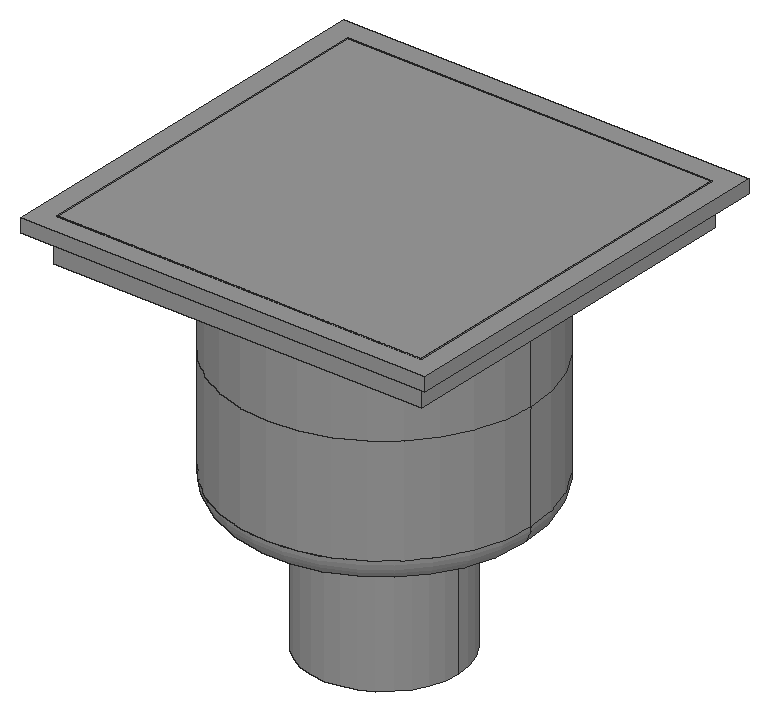
Revit family "ACO AUS Gully 218 Fixed Height - Vertical Outlet - 300x300 topsize 4", category Plumbing Fixtures, host Floor, Revit 2014
Parameters (values of type "142043 - Fixed Height without FAT-110mm Outlet-SS304")
  Weight = "3.5"
  Website = "www.acoaus.com.au"
  Watermarked By = "www.acoaus.com.au"
  Water Marked With = "BIM Manager Premium Suite"  # constant formula
  Water Mark 2 = "This file is water marked and users are prohibited to reproduce, adapt, distribute this information"  # constant formula
  Water Mark 1 = "This file is the property of ACO Passavant"  # constant formula
  Void Radius = Outlet Radius  # 55.000 mm
  Telephone = "+61 (2) 4747 4000"  # constant formula
  Product Type = "Point Drainage"  # constant formula
  Product Range = "ACO Gully 218"  # constant formula
  Product Code 413029 = "N/A"
  Product Code 413028 = "2.0 litre removable strainer - Stainless steel grade 304 - 0.9kg"
  Product Code 408233 = "N/A"
  Product Code 408223 = "0.7 litre removable strainer - Stainless steel grade 304 - 0.6kg"
  Product Code 142008 = "N/A"
  Product Code 142006 = "N/A"
  Product Code 142005 = "N/A"
  Product Code 142004 = "N/A"
  Product Code 142003 = "N/A"
  Product Code 142002 = "N/A"
  Product Code 142001 = "N/A"
  Price = "POA - contact ACO"  # constant formula
  Outlet Radius = 55.000 mm
  Outlet Diameter (mm) = "110"
  Material = Stainless Steel AISI 304
  Gully Depth = 198.000 mm
  Grating product Code 416944 = "Load Class M125 (EN 1253) - Cast grate - Slip Resistant - Stainless steel grade 304 - 168x168x25 - 5.6kg"
  Grating product Code 416917 = "N/A"
  Grating product Code 416916 = "Load Class R50 (EN 1253) - Ladder grate - Slip Resistant - Stainless steel grade 304 - 268x268x25 - 3.5kg"
  Grating product Code 408145 = "N/A"
  Grating product Code 408137 = "N/A"
  Grating product Code 142010 = "Load Class L15 (EN 1253) - 5 Star grate - Slip Resistant - Stainless steel grade 304 - 268x268x25 - 4.1kg"
  Grating Product Code 408141 = "N/A"
  Grating Product Code 408135 = "N/A"
  Grating Product Code 408134 = "N/A"
  Grating Product Code 408045 = "Load Class D210 (EN 1253) - Ladder grate - Plain - Stainless steel grade 304 - 268x268x25 - 6.2kg"
  Grating Product Code 408041 = "Load Class L15 (EN 1253) - Arla grate - Slip Resistant - Stainless steel grade 304 - 268x268x25 - 1.8kg"
  Grating Product Code 408037 = "Load Class M125 (EN 1253) - Ladder grate - Slip Resistant - Stainless steel grade 304 - 168x168x25 - 4.3kg"
  Grating Product Code 408035 = "Load Class L15 (EN 1253) - Mesh grate - Plain - Stainless steel grade 304 - 268x268x25 - 2.1kg"
  Grating Product Code 408034 = "Load Class L15 (EN 1253) - Mesh grate - Slip Resistant - Stainless steel grade 304 - 268x268x25 - 2.1kg"
  Fax = "+61 (2) 4747 4029"  # constant formula
  E-mail Sales = "sales@acoaus.com.au"
  Address = "134-140 Old Bathurst Road"  # constant formula
  Foul Air Trap & Foul Air Trap Support Ring = no
  416944 - 268 x 268mm - Cast Grating - Slip Resistant - Stainless Steel 304 [instance] = no
  416917 - 268 x 268mm - Ladder Grating - Slip Resistant - Stainless Steel 316 [instance] = no
  416916 - 268 x 268mm - Ladder Grating - Slip Resistant - Stainless Steel 304 [instance] = no
  413029 - 2.0 litre removable strainer - Stainless Steel 316 [instance] = no
  413028 - 2.0 litre removable strainer - Stainless Steel 304 [instance] = no
  408233 - 0.7 litre removable strainer - Stainless Steel 316 [instance] = no
  408223 - 0.7 litre removable strainer - Stainless Steel 304 [instance] = no
  408145 - 268 x 268mm - Ladder Grating - Plain - Stainless Steel 316 [instance] = no
  408141 - 268 x 268mm - Arla Grating - Slip Resistant - Stainless Steel 316 [instance] = no
  408137 - 268 x 268mm - Ladder Grating - Slip Resistant - Stainless Steel 316 [instance] = no
  408135 - 268 x 268mm - Mesh Grating - Plain - Stainless Steel 316 [instance] = no
  408134 - 268 x 268mm - Mesh Grating - Slip Resistant - Stainless Steel 316 [instance] = no
  408045 - 268 x 268mm - Ladder Grating - Plain - Stainless Steel 304 [instance] = no
  408041 - 268 x 268mm - Arla Grating - Slip Resistant - Stainless Steel 304 [instance] = no
  408037 - 268 x 268mm - Ladder Grating - Slip Resistant - Stainless steel 304 [instance] = no
  408035 - 268 x 268mm - Mesh Grating - Plain - Stainless Steel 304 [instance] = yes
  Outlet Depth = 297.000 mm
  Manufacturer = "ACO Polycrete"  # constant formula
  Load Class = "A15 - C250 (EN 1253) and D210 (AS 3996)"
  Gully Void Depth = -Outlet Depth  # -297.000 mm
  Gully Top Size (mm) = "300 x 300mm"  # constant formula
  Gully Top Opening = if(Outlet Radius = 80.000 mm, 12.594 mm, 37.498 mm)  # 37.498 mm
  Gully Recycled Material Content = "20 - 30 %"  # constant formula
  Gully Recyclable = "Fully recyclable"  # constant formula
  Gully Product Description = "ACO Gully 218 fixed height DN100 vertical outlet without Foul Air Trap - grade 304"
  Gully Product Code = "142043"
  Gully Material = "Stainless steel grade 304"
  Gully Colour = "passivated stainless steel surface ( matt grey)"  # constant formula
  Foul Air Trap Seal Recycled Material Content = "N/A"
  Foul Air Trap Seal Recyclable = "N/A"
  Foul Air Trap Seal Material = "N/A"
  Foul Air Trap Seal Colour = "N/A"
  Flow Rate (l/s) = "12.1"
  408034 - 268 x 268mm - Mesh Grating - Slip Resistant - Stainless Steel 304 [instance] = no
  160mm Dia Outlet = no
  142010 - 268 x 268mm - 5 star Grating - Slip Resistant - Stainless Steel 304 [instance] = no
  142006 - Retention chain connecting removable FAT to grate - Stainless Steel 316 [instance] = no
  142005 - Retention chain connecting removable strainer to grate - Stainless Steel 316 [instance] = no
  142004 - Retention chain connecting to FAT to removable strainer -Stainless Steel 316 [instance] = no
  142003 - Retention chain connecting fixed strainer to removable strainer - Stainless Steel 316 [instance] = no
  142002 - Retention chain connecting fixed strainer to FAT - Stainless Steel 316 [instance] = no
  142008 - Fixed strainer to suit a 160mm outlet - Stainless Steel 316 [instance] = no
  142001 - Fixed strainer to suit a 110mm outlet - Stainless Steel 316 [instance] = no
  110mm Dia Outlet = yes
Reference planes
  plane 1 "Center (Front/Back)": y = 0
  plane 2: z = 0
  plane 3 "Center (Left/Right)": x = 0
Forms (mm)
  Extrusion 1, void, detail levels coarse
    sketch origin (-10.5, 0, 0) x (1, 0, 0) y (0, 0, 1)
      loop
        line (160.16, 0) -> (-139.84, 0) -> (-139.84, -31.584) -> (160.16, -31.584) -> (160.16, 0)
    from -150 to 150
  Revolve 2, solid, material "Stainless Steel AISI 304" <- "Material"
    sketch origin (0, 0, 0) x (1, 0, 0) y (0, 0, 1)
      loop
        line (-107.5, -30.084) -> (-109, -30.084) -> (-109, -100.298) -> (-109, -180)
        arc (-109, -180) -> (-103.728, -192.728) -> (-91, -198) r 18
        line (-91, -198) -> (-53.502, -198) -> (-53.502, -196.5) -> (-91, -196.5)
        arc (-91, -196.5) -> (-102.667, -191.667) -> (-107.5, -180) r 16.5
        line (-107.5, -180) -> (-107.5, -110.765) -> (-107.5, -30.084)
      axis (0, -30.084) -> (0, -198)
    angle from 0 to 360
  Revolve 3, solid, material "Stainless Steel AISI 304" <- "Material"
    sketch origin (0, 0, 0) x (1, 0, 0) y (0, 0, 1)
      loop
        line (-53.5, -196.5) -> (-55, -196.5) -> (-55, -297) -> (-53.5, -297) -> (-53.5, -196.5)
      axis (0, -196.5) -> (0, -297)
    angle from 0 to 360
  Revolve 4, solid, material "Rubber, Nitrile", visible <- "Foul Air Trap & Foul Air Trap Support Ring"
    sketch origin (0, 0, 5.912) x (1, 0, 0) y (0, 0, 1)
      loop
        line (-107.5, -96.762) -> (-107.5, -116.512) -> (-91, -116.512) -> (-91, -111.012) -> (-83, -111.012) -> (-83, -101.012) -> (-91, -101.012) -> (-91, -96.762) -> (-107.5, -96.762)
      axis (0, -96.762) -> (0, -116.512)
    angle from 0 to 360
  Revolve 5, solid, material "Stainless Steel AISI 304" <- "Material", visible <- "Foul Air Trap & Foul Air Trap Support Ring"
    sketch origin (0, 0, 0) x (1, 0, 0) y (0, 0, 1)
      loop
        line (-91, -90.85) -> (-91, -92.1)
        arc (-91, -92.1) -> (-90.121, -94.222) -> (-88, -95.1) r 3
        line (-88, -95.1) -> (-81.506, -95.1)
        arc (-81.506, -95.1) -> (-67.364, -100.958) -> (-61.506, -115.1) r 20
        line (-61.506, -115.1) -> (-61.506, -125.362) -> (-60.006, -125.362) -> (-60.006, -115.1)
        arc (-60.006, -115.1) -> (-66.303, -99.898) -> (-81.506, -93.6) r 21.5
        line (-81.506, -93.6) -> (-88, -93.6)
        arc (-88, -93.6) -> (-89.06, -93.161) -> (-89.5, -92.1) r 1.5
        line (-89.5, -92.1) -> (-89.5, -90.85) -> (-91, -90.85)
      axis (0, -90.85) -> (0, -125.362)
    angle from 0 to 360
  Revolve 6, solid, material "Stainless Steel AISI 304" <- "Material", visible <- "Foul Air Trap & Foul Air Trap Support Ring"
    sketch origin (0, 0, -1.25) x (1, 0, 0) y (0, 0, 1)
      loop
        line (-84.25, -118.6) -> (-84.25, -150.6)
        arc (-84.25, -150.6) -> (-73.999, -175.349) -> (-49.25, -185.6) r 35
        line (-49.25, -185.6) -> (0, -185.6) -> (0, -184.1) -> (-49.25, -184.1)
        arc (-49.25, -184.1) -> (-72.938, -174.288) -> (-82.75, -150.6) r 33.5
        line (-82.75, -150.6) -> (-82.75, -118.6) -> (-84.25, -118.6)
      axis (0, -118.6) -> (0, -185.6)
    angle from 0 to 360
  Sweep 7, solid, material "Stainless Steel AISI 304" <- "Material"
    path origin (0, 0, 0) x (1, 0, 0) y (0, 1, 0)
      loop
        line (-142.839, 142.5) -> (-142.839, -142.5) -> (142.839, -142.5) -> (142.839, 142.5) -> (-142.839, 142.5)
    profile origin (0, 142.5, 0) x (0, 1, 0) y (0, 0, 1)
      loop
        line (7.5, 0) -> (-7.537, 0) -> (-7.537, -30.084) -> (-35.003, -30.084) -> (-35.003, -31.584) -> (-6.25, -31.584) -> (-6.25, -10) -> (7.5, -10) -> (7.5, 0)
  Extrusion 8, solid, material "Stainless Steel AISI 304"
    sketch origin (0, 0, 0) x (1, 0, 0) y (0, 1, 0)
      loop
        line (-135.302, 134.963) -> (-135.302, -134.963) -> (135.302, -134.963) -> (135.302, 134.963) -> (-135.302, 134.963)
    from 0 to -30
  Extrusion 9, void
    sketch origin (0, 0, 0) x (1, 0, 0) y (0, 1, 0)
      loop
        circle (0, 0) r 109
    from -31.584 to -197.918
  Extrusion 10, void
    sketch origin (-0.635, 0, 0) x (1, 0, 0) y (0, 1, 0)
      loop
        circle (0.543, 0.299) r 55
    from -198 to -297 <- "Gully Void Depth"
Cuts and joins
  Extrusion 9 cuts Sweep 7
  Extrusion 9, Extrusion 10 cuts Extrusion 8
Lines and regions (mm)
  model lines
    curve 1: line (-102.04, 134.535, 0) -> (-102.04, -135.465, 0)
    curve 2: line (-98.85, 134.535, 0) -> (-98.85, -135.465, 0)
    curve 3: line (-62.16, 134.535, 0) -> (-62.16, -135.465, 0)
    curve 4: line (-58.97, 134.535, 0) -> (-58.97, -135.465, 0)
    curve 5: line (-22.28, 134.535, 0) -> (-22.28, -135.465, 0)
    curve 6: line (-19.09, 134.535, 0) -> (-19.09, -135.465, 0)
    curve 7: line (17.6, 134.535, 0) -> (17.6, -135.465, 0)
    curve 8: line (20.79, 134.535, 0) -> (20.79, -135.465, 0)
    curve 9: line (57.48, 134.535, 0) -> (57.48, -135.465, 0)
    curve 10: line (60.67, 134.535, 0) -> (60.67, -135.465, 0)
    curve 11: line (97.36, 134.535, 0) -> (97.36, -135.465, 0)
    curve 12: line (100.55, 134.535, 0) -> (100.55, -135.465, 0)
    curve 13: line (-135.34, -102.165, 0) -> (134.66, -102.165, 0)
    curve 14: line (-135.34, -98.975, 0) -> (134.66, -98.975, 0)
    curve 15: line (-135.34, -62.285, 0) -> (134.66, -62.285, 0)
    curve 16: line (-135.34, -59.095, 0) -> (134.66, -59.095, 0)
    curve 17: line (-135.34, -22.405, 0) -> (134.66, -22.405, 0)
    curve 18: line (-135.34, -19.215, 0) -> (134.66, -19.215, 0)
    curve 19: line (-135.34, 17.475, 0) -> (134.66, 17.475, 0)
    curve 20: line (-135.34, 20.665, 0) -> (134.66, 20.665, 0)
    curve 21: line (-135.34, 57.355, 0) -> (134.66, 57.355, 0)
    curve 22: line (-135.34, 60.545, 0) -> (134.66, 60.545, 0)
    curve 23: line (-135.34, 97.235, 0) -> (134.66, 97.235, 0)
    curve 24: line (-135.34, 100.425, 0) -> (134.66, 100.425, 0)
Dimensions and locks
  equal spacing: host sketch curve, plane 1 "Center (Front/Back)", host sketch curve
  equal spacing: host sketch curve, plane 3 "Center (Left/Right)", host sketch curve
  host sketch curve to host sketch curve = 3048.000 mm  (x2)
  "Outlet Depth": level to Revolve 3 sketch curve
  locked: Revolve 3 sketch curve to Revolve 3 sketch curve at 1.5
  "Outlet Radius": Revolve 3 sketch curve to Revolve 3 sketch curve
  locked: Revolve 4 to Revolve 6 at 29
  Revolve 2 sketch curve to Revolve 2 sketch curve to Revolve 2 sketch curve to Revolve 2 sketch curve = 1.500 mm locked, 16.500 mm locked, 0.000 mm locked
  locked: Revolve 2 sketch curve to plane 3 "Center (Left/Right)" at 109
  "Gully Top Opening": Revolve 2 sketch curve to Revolve 2 sketch curve
  "Gully Depth": Revolve 2 sketch curve to plane 2
  equal spacing: Sweep 7 sketch curve, plane 1 "Center (Front/Back)", Sweep 7 sketch curve, locked at 142.5 each
  equal spacing: Sweep 7 sketch curve, plane 3 "Center (Left/Right)", Sweep 7 sketch curve, locked at 142.839 each
  "Void Radius": radius of Extrusion 10 sketch curve
  aligned and locked: level to plane 2
  aligned and locked: Revolve 3 sketch curve to plane 3 "Center (Left/Right)"
  aligned and locked: Revolve 4 to Revolve 5
  aligned and locked: Extrusion 8 sketch curve to Sweep 7  (x4)
  aligned and locked: Extrusion 9 to cut or joined group of Sweep 7, Extrusion 9
  aligned and locked: Revolve 2 to Revolve 4 sketch curve
  aligned and locked: nested 1 to plane 2
  aligned and locked: nested 1 to cut or joined group of Sweep 7, Extrusion 9
Automatic sketch dimensions
  curve 24 to plane 3 "Center (Left/Right)" = 135.340 mm
  curve 23 to curve 24 = 0.000 mm
  curve 22 to curve 23 = 0.000 mm
  curve 21 to curve 22 = 0.000 mm
  curve 20 to curve 21 = 0.000 mm
  curve 19 to curve 20 = 0.000 mm
  curve 18 to curve 19 = 0.000 mm
  curve 17 to curve 18 = 0.000 mm
  curve 16 to curve 17 = 0.000 mm  (x2)
  curve 15 to curve 16 = 0.000 mm  (x2)
  curve 13 to curve 14 = 0.000 mm
  curve 1 to curve 2 = 3.190 mm
  curve 2 to curve 3 = 36.690 mm
  curve 3 to curve 4 = 3.190 mm
  curve 5 to plane 3 "Center (Left/Right)" = 22.280 mm
  curve 5 to curve 6 = 3.190 mm
  plane 3 "Center (Left/Right)" to curve 7 = 17.600 mm
  curve 7 to curve 8 = 3.190 mm
  curve 8 to curve 9 = 36.690 mm
  curve 9 to curve 10 = 3.190 mm
  curve 10 to curve 11 = 36.690 mm
  curve 11 to curve 12 = 3.190 mm
  plane 1 "Center (Front/Back)" to curve 17 = 22.405 mm
  curve 12 to curve 17 = 34.110 mm
  curve 12 to curve 13 = 34.110 mm
  curve 19 to plane 1 "Center (Front/Back)" = 17.475 mm
  curve 19 to curve 17 = 0.000 mm
  curve 20 to curve 19 = 0.000 mm
  curve 14 to curve 13 = 0.000 mm
  curve 21 to curve 20 = 0.000 mm
  curve 22 to curve 21 = 0.000 mm
  curve 18 to curve 17 = 0.000 mm
  curve 23 to curve 22 = 0.000 mm
  curve 24 to curve 23 = 0.000 mm
  curve 16 to curve 17 = 36.690 mm
  curve 15 to curve 16 = 3.190 mm
  curve 14 to curve 15 = 36.690 mm
  curve 13 to curve 14 = 3.190 mm
  curve 5 to curve 7 = 0.000 mm
  curve 7 to curve 8 = 0.000 mm  (x2)
  curve 4 to curve 5 = 0.000 mm  (x2)
  curve 8 to curve 10 = 0.000 mm
  curve 3 to curve 4 = 0.000 mm  (x2)
  curve 10 to curve 11 = 0.000 mm  (x2)
  curve 11 to curve 12 = 0.000 mm  (x2)
  curve 1 to curve 2 = 0.000 mm  (x2)
  curve 5 to curve 6 = 0.000 mm  (x2)
  curve 9 to curve 10 = 0.000 mm  (x2)
  curve 17 to curve 18 = 3.190 mm
  curve 19 to curve 20 = 3.190 mm
  curve 20 to curve 21 = 36.690 mm
  curve 21 to curve 22 = 3.190 mm
  curve 22 to curve 23 = 36.690 mm
  curve 23 to curve 24 = 3.190 mm
  curve 24 to curve 12 = 34.110 mm
  curve 8 to curve 9 = 0.000 mm
  curve 6 to curve 7 = 0.000 mm
  curve 2 to curve 3 = 0.000 mm  (x2)
  Revolve 4 sketch curve to level = 110.600 mm
  Revolve 4 sketch curve to plane 3 "Center (Left/Right)" = 0.000 mm
  Revolve 4 sketch curve to Revolve 4 sketch curve = 0.000 mm
  Revolve 4 sketch curve to Revolve 4 sketch curve = 8.000 mm
  Revolve 4 sketch curve to Revolve 4 sketch curve = 16.500 mm
  Revolve 4 sketch curve to Revolve 4 sketch curve = 5.500 mm
  Revolve 4 sketch curve to Revolve 4 sketch curve = 10.000 mm
  Revolve 4 sketch curve to Revolve 4 sketch curve = 3.623 mm
  Revolve 4 sketch curve to Revolve 4 sketch curve = 4.250 mm
  Revolve 4 sketch curve to Revolve 4 sketch curve = 31.874 mm
  Revolve 5 sketch curve to Revolve 5 sketch curve = 0.000 mm  (x4)
  Revolve 5 sketch curve to plane 3 "Center (Left/Right)" = 91.000 mm
  Revolve 5 sketch curve to plane 3 "Center (Left/Right)" = 0.000 mm
  Revolve 5 sketch curve to Revolve 5 sketch curve = 1.500 mm  (x2)
  Revolve 5 sketch curve to Revolve 5 sketch curve = 6.494 mm
  Revolve 5 sketch curve to Revolve 5 sketch curve = 10.261 mm
  Revolve 5 sketch curve to Revolve 5 sketch curve = 1.250 mm
  level to Revolve 5 sketch curve = 50.000 mm
  Revolve 5 sketch curve to Revolve 5 sketch curve = 25.000 mm
  Revolve 5 sketch curve to plane 3 "Center (Left/Right)" = 61.506 mm
  Revolve 5 sketch curve to level = 125.362 mm
  Revolve 6 sketch curve to Revolve 6 sketch curve = 0.000 mm  (x2)
  Revolve 6 sketch curve to plane 3 "Center (Left/Right)" = 0.000 mm  (x2)
  Revolve 6 sketch curve to level = 186.850 mm
  Revolve 6 sketch curve to plane 3 "Center (Left/Right)" = 49.250 mm
  Revolve 6 sketch curve to Revolve 6 sketch curve = 33.500 mm
  Revolve 6 sketch curve to Revolve 6 sketch curve = 1.500 mm
  Revolve 6 sketch curve to Revolve 6 sketch curve = 32.000 mm
  Revolve 6 sketch curve to Revolve 6 sketch curve = 61.000 mm
  Revolve 6 sketch curve to Revolve 6 sketch curve = 26.000 mm
  curve 14 to curve 15 = 0.000 mm
  curve 11 to curve 13 = 33.300 mm
  curve 13 to curve 1 = 33.300 mm
  Extrusion 1 sketch curve to level = 0.000 mm
  Extrusion 1 sketch curve to plane 3 "Center (Left/Right)" = 150.340 mm
  plane 3 "Center (Left/Right)" to Extrusion 1 sketch curve = 149.660 mm
  Extrusion 1 sketch curve to Extrusion 1 sketch curve = 31.584 mm
  plane 1 "Center (Front/Back)" to Extrusion 9 sketch curve = 0.000 mm
  Extrusion 9 sketch curve to plane 3 "Center (Left/Right)" = 0.000 mm
  Sweep 7 sketch curve to level = 0.000 mm
  profile plane to Sweep 7 sketch curve = 35.003 mm
  profile plane to Sweep 7 sketch curve = 7.537 mm
  Sweep 7 sketch curve to Sweep 7 sketch curve = 1.286 mm
  Sweep 7 sketch curve to profile plane = 7.500 mm
  Sweep 7 sketch curve to level = 10.000 mm
  Sweep 7 sketch curve to level = 30.084 mm
  Sweep 7 sketch curve to Sweep 7 sketch curve = 1.500 mm
  plane 1 "Center (Front/Back)" to Sweep 7 sketch curve = 142.500 mm
  Sweep 7 sketch curve to plane 3 "Center (Left/Right)" = 142.839 mm
  Revolve 2 sketch curve to Revolve 2 sketch curve = 0.000 mm
  Revolve 2 sketch curve to plane 3 "Center (Left/Right)" = 0.000 mm
  Revolve 2 sketch curve to Revolve 2 sketch curve = 69.235 mm
  Revolve 2 sketch curve to Revolve 2 sketch curve = 10.467 mm
  Revolve 2 sketch curve to level = 30.084 mm
  Revolve 2 sketch curve to level = 33.084 mm
  level to Revolve 2 sketch curve = 43.416 mm
  Revolve 3 sketch curve to Revolve 3 sketch curve = 100.500 mm
  Revolve 3 sketch curve to Revolve 3 sketch curve = 27.846 mm
  Revolve 3 sketch curve to Revolve 3 sketch curve = 22.736 mm
  Extrusion 10 sketch curve to plane 3 "Center (Left/Right)" = 0.092 mm
  Extrusion 10 sketch curve to plane 1 "Center (Front/Back)" = 0.299 mm
  radius of Extrusion 9 sketch curve = 109.000 mm
Nested families
  nested 1: "Detail Elements Vertical Outlet Right view 1" at (-0.339, 0, 0) x (1, 0, 0) z (0, -1, 0), type "Detail Elements Front View"
  nested 2: "Detail Elements Vertical Outlet Right view 1" at (0, 0, 0) x (0, 1, 0) z (1, 0, 0), type "Detail Elements  Right View"
Connectors
  piping at (0, 0, -297), diameter 110, driven by "Outlet Radius"
    settings: on Revolve 3, index 1, connector inside diameter 4.33071", connector length 0.000 mm, flow factor 0, pipe flow 0 GPM, pressure drop 0.00 psi, fitting loss kfactor 0, connector angle 0.00°, fixture units 0, engagement length 0.000 mm, angle of deflection 0.00°, flow configuration 0, flow direction 0, fitting loss method 0, system type 16, joint type 0, gender type 0, connector reference index -1, connector utility 0, adjustable connector no, is connector primary yes, connector description ""
Definition of nested family "Detail Elements Vertical Outlet Right view 1"
  Parameters (values of type "Detail Elements Front View")
    Watermarked By = ""
    Type Comments = "﻿﻿               ﻿      ﻿​ ​﻿​ ﻿                         ﻿   ​                  ﻿ ​    ﻿   ​ ​   ​     ﻿  ﻿﻿   ﻿﻿ ﻿                                        ​           ﻿﻿﻿   ﻿  ﻿          ​                   ​​                                         ​                 ​ ﻿​ ​  ​     ﻿​           ﻿                                ﻿﻿"
    Keynote = "﻿﻿               ﻿      ﻿​ ​﻿​ ﻿                         ﻿   ​                  ﻿ ​    ﻿   ​ ​   ​     ﻿  ﻿﻿   ﻿﻿ ﻿                                        ​           ﻿﻿﻿   ﻿  ﻿          ​                   ​​                                         ​                 ​ ﻿​ ​  ​     ﻿​           ﻿                                ﻿﻿"
    Gully Top Size = 300.000 mm
    Assembly Code = "D2040"
    Anchor Bolt = no
    Anc Distance = 84.000 mm
    160mm Outlet = no
    110mm Outlet = yes
  Types (2, lengths in mm): name | Anchor Bolt | Anc Distance
    Detail Elements  Right View | yes | 12.335
    Detail Elements Front View | no | 84.000
  Reference planes
    plane 1 "Center (Front/Back)": y = 0
    plane 2: z = 0
    plane 3 "Center (Left/Right)": x = 0
  Lines and regions (mm)
    detail lines, in view "Ref. Level"
      curve 1: line (-148, 0, 0) -> (148, 0, 0)
      curve 2: line (-150, -2, 0) -> (-150, -10, 0)
      curve 3: line (-150, -10, 0) -> (150, -10, 0)
      curve 4: line (150, -10, 0) -> (150, -2, 0)
      curve 5: line (-136.253, -10, 0) -> (-136.253, -25.834, 0)
      curve 6: line (-130.503, -31.584, 0) -> (-110.75, -31.584, 0)
      curve 9: line (136.246, -10, 0) -> (136.246, -25.834, 0)
      curve 10: line (130.496, -31.584, 0) -> (110.75, -31.584, 0)
      curve 161: line (-109, -33.334, 0) -> (-109, -93.821, 0)
      curve 162: line (-109.002, -105.996, 0) -> (-109.002, -180.003, 0)
      curve 277: line (109, -33.334, 0) -> (109, -93.835, 0)
      curve 278: line (109.002, -105.996, 0) -> (109.002, -180.003, 0)
      curve 306: arc (-150, -2, 0) -> (-149.414, -0.586, 0) -> (-148, 0, 0) r 2
      curve 307: arc (148, 0, 0) -> (149.414, -0.586, 0) -> (150, -2, 0) r 2
    detail lines, in view "Ref. Level", detail levels medium+fine
      curve 7: arc (-136.253, -25.834, 0) -> (-134.569, -29.9, 0) -> (-130.503, -31.584, 0) r 5.75
      curve 8: arc (-109.002, -180.003, 0) -> (-103.729, -192.734, 0) -> (-90.998, -198.007, 0) r 18.003
      curve 11: arc (136.246, -25.834, 0) -> (134.562, -29.9, 0) -> (130.496, -31.584, 0) r 5.75
      curve 274: line (-107.25, -96.852, 0) -> (-105.71, -97.722, 0)
      curve 275: line (-106.869, -102.774, 0) -> (-105.65, -102.04, 0)
      curve 276: arc (109.002, -180.003, 0) -> (103.729, -192.734, 0) -> (90.998, -198.007, 0) r 18.003
      curve 283: line (107.258, -96.861, 0) -> (105.718, -97.731, 0)
      curve 284: line (106.877, -102.783, 0) -> (105.658, -102.049, 0)
      curve 310: arc (110.75, -31.584, 0) -> (109.513, -32.097, 0) -> (109, -33.334, 0) r 1.75
      curve 311: arc (-110.75, -31.584, 0) -> (-109.513, -32.097, 0) -> (-109, -33.334, 0) r 1.75
      curve 319: line (-109, -40.854, 0) -> (109, -40.854, 0)
    detail lines, in view "Ref. Level", detail levels fine
      curve 12: line (61.685, -37.544, 0) -> (61.685, -43.045, 0)
      curve 13: line (66.592, -37.544, 0) -> (66.592, -43.045, 0)
      curve 14: line (76.407, -37.544, 0) -> (76.407, -43.045, 0)
      curve 15: line (81.315, -37.544, 0) -> (81.315, -43.045, 0)
      curve 16: arc (61.685, -37.544, 0) -> (64.139, -36.832, 0) -> (66.592, -37.544, 0) r 4.588
      curve 17: arc (66.592, -37.544, 0) -> (71.5, -36.37, 0) -> (76.407, -37.544, 0) r 10.85
      curve 18: arc (76.407, -37.544, 0) -> (78.861, -36.763, 0) -> (81.315, -37.544, 0) r 4.248
      curve 19: arc (61.685, -43.045, 0) -> (64.139, -43.855, 0) -> (66.592, -43.045, 0) r 4.121
      curve 20: arc (66.592, -43.045, 0) -> (71.5, -44.335, 0) -> (76.407, -43.045, 0) r 9.973
      curve 21: arc (81.315, -43.045, 0) -> (78.861, -43.91, 0) -> (76.408, -43.045, 0) r 3.911
      curve 22: line (63.845, -36.294, 0) -> (79.155, -36.294, 0)
      curve 23: line (63.845, -36.294, 0) -> (61.685, -37.544, 0)
      curve 24: line (79.155, -36.294, 0) -> (81.315, -37.544, 0)
      curve 25: line (63.845, -44.49, 0) -> (79.155, -44.49, 0)
      curve 26: line (63.845, -44.49, 0) -> (61.685, -43.045, 0)
      curve 27: line (79.155, -44.49, 0) -> (81.315, -43.045, 0)
      curve 28: line (63.845, -44.49, 0) -> (59.03, -44.49, 0)
      curve 29: line (79.155, -44.49, 0) -> (84, -44.49, 0)
      curve 30: line (63.845, -46.49, 0) -> (79.155, -46.49, 0)
      curve 31: line (63.845, -46.49, 0) -> (59.03, -46.49, 0)
      curve 32: line (79.155, -46.49, 0) -> (84, -46.49, 0)
      curve 33: line (59.03, -46.49, 0) -> (59.03, -16.49, 0)
      curve 34: line (84, -46.49, 0) -> (84, -16.49, 0)
      curve 35: line (59.03, -16.49, 0) -> (84, -16.49, 0)
      curve 36: line (66.593, -36.294, 0) -> (66.593, -23.598, 0)
      curve 37: line (76.407, -36.294, 0) -> (76.407, -23.544, 0)
      curve 38: line (66.649, -23.544, 0) -> (70.619, -23.544, 0)
      curve 39: line (70.619, -23.544, 0) -> (70.619, -25.544, 0)
      curve 40: line (70.619, -23.544, 0) -> (70.619, -22.544, 0)
      curve 41: line (70.619, -25.544, 0) -> (72.619, -25.544, 0)
      curve 42: line (70.619, -22.544, 0) -> (67.681, -22.544, 0)
      curve 43: line (67.681, -22.544, 0) -> (66.593, -23.598, 0)
      curve 44: line (72.619, -25.544, 0) -> (72.619, -22.544, 0)
      curve 45: line (76.407, -23.544, 0) -> (72.619, -23.544, 0)
      curve 46: line (72.619, -22.544, 0) -> (75.556, -22.544, 0)
      curve 47: line (75.556, -22.544, 0) -> (76.407, -23.544, 0)
      curve 48: line (66.593, -46.49, 0) -> (66.593, -50.74, 0)
      curve 49: line (76.407, -46.49, 0) -> (76.407, -50.74, 0)
      curve 50: line (62.539, -51.317, 0) -> (62.539, -56.033, 0)
      curve 51: line (62.539, -51.317, 0) -> (63.117, -50.74, 0)
      curve 52: line (63.16, -56.548, 0) -> (79.901, -56.548, 0)
      curve 53: line (62.539, -56.033, 0) -> (63.16, -56.548, 0)
      curve 54: line (80.583, -51.439, 0) -> (80.583, -55.866, 0)
      curve 55: line (79.883, -50.74, 0) -> (80.583, -51.439, 0)
      curve 56: line (79.901, -56.548, 0) -> (80.583, -55.866, 0)
      curve 57: line (66.593, -56.548, 0) -> (66.593, -73.548, 0)
      curve 58: line (76.407, -56.548, 0) -> (76.407, -73.548, 0)
      curve 59: line (63.583, -73.548, 0) -> (63.583, -79.928, 0)
      curve 60: line (79.417, -73.548, 0) -> (79.417, -79.928, 0)
      curve 61: line (63.583, -79.928, 0) -> (64.396, -80.741, 0)
      curve 62: line (79.417, -79.928, 0) -> (78.604, -80.741, 0)
      curve 63: line (64.396, -80.741, 0) -> (78.604, -80.741, 0)
      curve 64: line (63.583, -73.548, 0) -> (79.417, -73.548, 0)
      curve 65: line (71.5, -73.548, 0) -> (71.5, -79.329, 0)
      curve 66: arc (71.5, -79.329, 0) -> (67.541, -79.952, 0) -> (63.583, -79.329, 0) r 12.881
      curve 67: arc (71.5, -79.329, 0) -> (75.459, -80.119, 0) -> (79.417, -79.329, 0) r 10.31
      curve 68: line (69.948, -74.198, 0) -> (69.948, -82.698, 0)
      curve 69: line (73.016, -74.198, 0) -> (73.016, -82.698, 0)
      curve 70: line (69.948, -74.198, 0) -> (73.016, -74.198, 0)
      curve 71: line (69.948, -82.698, 0) -> (64.948, -82.698, 0)
      curve 72: line (64.948, -82.698, 0) -> (77.926, -82.698, 0)
      curve 73: line (64.948, -82.698, 0) -> (60.657, -86.988, 0)
      curve 74: line (77.926, -82.698, 0) -> (82.216, -86.988, 0)
      curve 75: line (82.216, -85.058, 0) -> (77.899, -80.741, 0)
      curve 76: line (60.657, -85.058, 0) -> (64.975, -80.741, 0)
      curve 77: line (35.321, -85.058, 0) -> (35.321, -86.988, 0)
      curve 78: line (108.58, -85.058, 0) -> (108.58, -86.988, 0)
      curve 79: line (35.321, -86.988, 0) -> (108.58, -86.988, 0)
      curve 80: line (63.117, -50.74, 0) -> (79.883, -50.74, 0)
      curve 81: line (71.5, -52.139, 0) -> (71.5, -55.245, 0)
      curve 82: arc (71.5, -55.245, 0) -> (67.02, -55.744, 0) -> (62.539, -55.245, 0) r 20.385
      curve 83: arc (71.5, -52.139, 0) -> (67.02, -51.657, 0) -> (62.539, -52.139, 0) r 21.089
      curve 84: arc (71.5, -52.139, 0) -> (76.041, -51.566, 0) -> (80.583, -52.139, 0) r 18.281
      curve 85: arc (71.5, -55.245, 0) -> (76.041, -55.813, 0) -> (80.583, -55.245, 0) r 18.468
      curve 86: line (35.321, -85.058, 0) -> (108.58, -85.058, 0)
      curve 87: line (-172.62, -37.582, 0) -> (-172.62, -43.083, 0)
      curve 88: line (-167.712, -37.582, 0) -> (-167.712, -43.083, 0)
      curve 89: line (-157.897, -37.582, 0) -> (-157.897, -43.083, 0)
      curve 90: line (-152.99, -37.582, 0) -> (-152.99, -43.083, 0)
      curve 91: arc (-172.62, -37.582, 0) -> (-170.166, -36.87, 0) -> (-167.712, -37.582, 0) r 4.588
      curve 92: arc (-167.712, -37.582, 0) -> (-162.805, -36.408, 0) -> (-157.897, -37.582, 0) r 10.85
      curve 93: arc (-157.897, -37.582, 0) -> (-155.444, -36.801, 0) -> (-152.99, -37.582, 0) r 4.248
      curve 94: arc (-172.62, -43.083, 0) -> (-170.166, -43.893, 0) -> (-167.712, -43.083, 0) r 4.121
      curve 95: arc (-167.712, -43.083, 0) -> (-162.805, -44.374, 0) -> (-157.897, -43.083, 0) r 9.973
      curve 96: arc (-152.99, -43.083, 0) -> (-155.444, -43.948, 0) -> (-157.897, -43.083, 0) r 3.911
      curve 97: line (-170.46, -36.332, 0) -> (-155.15, -36.332, 0)
      curve 98: line (-170.46, -36.332, 0) -> (-172.62, -37.582, 0)
      curve 99: line (-155.15, -36.332, 0) -> (-152.99, -37.582, 0)
      curve 100: line (-170.393, -44.572, 0) -> (-172.62, -43.083, 0)
      curve 101: line (-155.217, -44.572, 0) -> (-152.99, -43.083, 0)
      curve 102: line (-167.712, -36.332, 0) -> (-167.712, -23.582, 0)
      curve 103: line (-157.898, -36.332, 0) -> (-157.898, -23.582, 0)
      curve 104: line (-167.712, -23.582, 0) -> (-163.686, -23.582, 0)
      curve 105: line (-163.686, -23.582, 0) -> (-163.686, -25.582, 0)
      curve 106: line (-163.686, -23.582, 0) -> (-163.686, -22.582, 0)
      curve 107: line (-163.686, -25.582, 0) -> (-161.686, -25.582, 0)
      curve 108: line (-163.686, -22.582, 0) -> (-166.624, -22.582, 0)
      curve 109: line (-166.624, -22.582, 0) -> (-167.712, -23.636, 0)
      curve 110: line (-161.686, -25.582, 0) -> (-161.686, -22.582, 0)
      curve 111: line (-157.898, -23.582, 0) -> (-161.686, -23.582, 0)
      curve 112: line (-161.686, -22.582, 0) -> (-158.749, -22.582, 0)
      curve 113: line (-158.749, -22.582, 0) -> (-157.898, -23.582, 0)
      curve 114: line (-167.712, -46.528, 0) -> (-167.712, -50.778, 0)
      curve 115: line (-157.898, -46.528, 0) -> (-157.898, -50.778, 0)
      curve 116: line (-171.766, -51.355, 0) -> (-171.766, -56.071, 0)
      curve 117: line (-171.766, -51.355, 0) -> (-171.188, -50.778, 0)
      curve 118: line (-171.145, -56.586, 0) -> (-154.403, -56.586, 0)
      curve 119: line (-171.766, -56.071, 0) -> (-171.145, -56.586, 0)
      curve 120: line (-153.722, -51.477, 0) -> (-153.722, -55.905, 0)
      curve 121: line (-154.422, -50.778, 0) -> (-153.722, -51.477, 0)
      curve 122: line (-154.403, -56.586, 0) -> (-153.722, -55.905, 0)
      curve 123: line (-167.712, -56.586, 0) -> (-167.712, -73.586, 0)
      curve 124: line (-157.898, -56.586, 0) -> (-157.898, -73.586, 0)
      curve 125: line (-170.722, -73.586, 0) -> (-170.722, -79.966, 0)
      curve 126: line (-154.888, -73.586, 0) -> (-154.888, -79.966, 0)
      curve 127: line (-170.722, -79.966, 0) -> (-169.909, -80.779, 0)
      curve 128: line (-154.888, -79.966, 0) -> (-155.701, -80.779, 0)
      curve 129: line (-169.909, -80.779, 0) -> (-155.701, -80.779, 0)
      curve 130: line (-170.722, -73.586, 0) -> (-154.888, -73.586, 0)
      curve 131: line (-162.805, -73.586, 0) -> (-162.805, -79.367, 0)
      curve 132: arc (-162.805, -79.367, 0) -> (-166.763, -79.99, 0) -> (-170.722, -79.367, 0) r 12.881
      curve 133: arc (-162.805, -79.367, 0) -> (-158.846, -80.157, 0) -> (-154.888, -79.367, 0) r 10.31
      curve 134: line (-164.357, -74.236, 0) -> (-164.357, -82.736, 0)
      curve 135: line (-161.288, -74.236, 0) -> (-161.288, -82.736, 0)
      curve 136: line (-164.357, -74.236, 0) -> (-161.288, -74.236, 0)
      curve 137: line (-164.357, -82.736, 0) -> (-169.357, -82.736, 0)
      curve 138: line (-169.357, -82.736, 0) -> (-156.379, -82.736, 0)
      curve 139: line (-169.357, -82.736, 0) -> (-173.648, -87.026, 0)
      curve 140: line (-156.379, -82.736, 0) -> (-152.089, -87.026, 0)
      curve 141: line (-152.089, -85.096, 0) -> (-156.406, -80.779, 0)
      curve 142: line (-173.648, -85.096, 0) -> (-169.33, -80.779, 0)
      curve 143: line (-198.984, -85.096, 0) -> (-198.984, -87.026, 0)
      curve 144: line (-127.096, -85.096, 0) -> (-127.096, -87.026, 0)
      curve 145: line (-198.984, -87.026, 0) -> (-127.096, -87.026, 0)
      curve 146: line (-171.188, -50.778, 0) -> (-154.422, -50.778, 0)
      curve 147: line (-162.805, -52.177, 0) -> (-162.805, -55.284, 0)
      curve 148: arc (-162.805, -55.284, 0) -> (-167.285, -55.782, 0) -> (-171.766, -55.284, 0) r 20.385
      curve 149: arc (-162.805, -52.177, 0) -> (-167.285, -51.695, 0) -> (-171.766, -52.177, 0) r 21.089
      curve 150: arc (-162.805, -52.177, 0) -> (-158.263, -51.604, 0) -> (-153.722, -52.177, 0) r 18.281
      curve 151: arc (-162.805, -55.284, 0) -> (-158.263, -55.851, 0) -> (-153.722, -55.284, 0) r 18.468
      curve 152: line (-198.984, -85.096, 0) -> (-127.096, -85.096, 0)
      curve 153: line (-175.275, -44.572, 0) -> (-143.683, -44.572, 0)
      curve 154: line (-175.275, -46.528, 0) -> (-144.472, -46.528, 0)
      curve 155: line (-136.275, -38.33, 0) -> (-136.275, -14.572, 0)
      curve 156: line (-138.683, -39.572, 0) -> (-138.683, -14.572, 0)
      curve 157: line (-138.683, -14.572, 0) -> (-136.275, -14.572, 0)
      curve 158: line (-175.275, -44.572, 0) -> (-175.275, -46.528, 0)
      curve 159: arc (-143.683, -44.572, 0) -> (-140.147, -43.108, 0) -> (-138.683, -39.572, 0) r 5
      curve 160: arc (-144.472, -46.528, 0) -> (-138.676, -44.127, 0) -> (-136.275, -38.33, 0) r 8.197
      curve 316: line (-109, -93.853, 0) -> (109.027, -93.853, 0)
      curve 317: line (-104.44, -99.864, 0) -> (104.449, -99.864, 0)
      curve 318: line (-109.002, -105.996, 0) -> (109.002, -105.996, 0)
    detail lines, in view "Ref. Level", detail levels coarse
      curve 163: line (-109, -93.853, 0) -> (-109, -105.889, 0)
      curve 279: line (109, -93.837, 0) -> (109, -105.889, 0)
      curve 301: line (-109.002, -198.007, 0) -> (-109.002, -180.003, 0)
      curve 303: line (109.002, -198.007, 0) -> (109.002, -180.003, 0)
      curve 304: line (130.496, -31.584, 0) -> (136.267, -31.584, 0)
      curve 305: line (-130.503, -31.584, 0) -> (-136.275, -31.584, 0)
      curve 308: line (-136.275, -31.584, 0) -> (-136.275, -25.961, 0)
      curve 309: line (136.267, -31.584, 0) -> (136.267, -26.584, 0)
      curve 312: line (-110.75, -31.584, 0) -> (-109, -31.584, 0)
      curve 313: line (-109, -31.584, 0) -> (-109, -33.334, 0)
      curve 314: line (110.75, -31.584, 0) -> (109, -31.584, 0)
      curve 315: line (109, -31.584, 0) -> (109, -33.334, 0)
    detail lines, in view "Ref. Level", visible <- "110mm Outlet", detail levels coarse
      curve 164: line (-55, -297, 0) -> (-52.996, -297, 0)
      curve 165: line (54.99, -297, 0) -> (52.994, -297, 0)
      curve 167: line (-55, -202.988, 0) -> (-55, -198.007, 0)
      curve 168: line (-55, -205.422, 0) -> (-55, -240.407, 0)
      curve 169: line (54.99, -297, 0) -> (54.99, -289.028, 0)
      curve 170: line (54.99, -202.988, 0) -> (54.99, -198.007, 0)
      curve 171: line (54.99, -205.435, 0) -> (54.99, -240.436, 0)
      curve 172: line (-55, -297, 0) -> (-55, -288.936, 0)
      curve 300: line (-90.998, -198.007, 0) -> (-109.002, -198.007, 0)
      curve 302: line (90.998, -198.007, 0) -> (109.002, -198.007, 0)
    detail lines, in view "Ref. Level", visible <- "110mm Outlet"
      curve 166: line (-90.998, -198.007, 0) -> (90.998, -198.007, 0)
      curve 270: line (-55, -240.408, 0) -> (-55, -288.936, 0)
    detail lines, in view "Ref. Level", visible <- "Anchor Bolt", detail levels fine
      curve 173: line (172.612, -37.582, 0) -> (172.612, -43.083, 0)
      curve 174: line (167.704, -37.582, 0) -> (167.704, -43.083, 0)
      curve 175: line (157.889, -37.582, 0) -> (157.889, -43.083, 0)
      curve 176: line (152.982, -37.582, 0) -> (152.982, -43.083, 0)
      curve 177: arc (172.612, -37.582, 0) -> (170.158, -36.87, 0) -> (167.704, -37.582, 0) r 4.588
      curve 178: arc (167.704, -37.582, 0) -> (162.797, -36.408, 0) -> (157.889, -37.582, 0) r 10.85
      curve 179: arc (157.889, -37.582, 0) -> (155.435, -36.801, 0) -> (152.982, -37.582, 0) r 4.248
      curve 180: arc (172.612, -43.083, 0) -> (170.158, -43.893, 0) -> (167.704, -43.083, 0) r 4.121
      curve 181: arc (167.704, -43.083, 0) -> (162.797, -44.374, 0) -> (157.889, -43.083, 0) r 9.973
      curve 182: arc (152.982, -43.083, 0) -> (155.435, -43.948, 0) -> (157.889, -43.083, 0) r 3.911
      curve 183: line (170.452, -36.332, 0) -> (155.142, -36.332, 0)
      curve 184: line (170.452, -36.332, 0) -> (172.612, -37.582, 0)
      curve 185: line (155.142, -36.332, 0) -> (152.982, -37.582, 0)
      curve 186: line (170.385, -44.572, 0) -> (172.612, -43.083, 0)
      curve 187: line (155.208, -44.572, 0) -> (152.982, -43.083, 0)
      curve 188: line (167.704, -36.332, 0) -> (167.704, -23.582, 0)
      curve 189: line (157.89, -36.332, 0) -> (157.89, -23.582, 0)
      curve 190: line (167.704, -23.582, 0) -> (163.678, -23.582, 0)
      curve 191: line (163.678, -23.582, 0) -> (163.678, -25.582, 0)
      curve 192: line (163.678, -23.582, 0) -> (163.678, -22.582, 0)
      curve 193: line (163.678, -25.582, 0) -> (161.678, -25.582, 0)
      curve 194: line (163.678, -22.582, 0) -> (166.616, -22.582, 0)
      curve 195: line (166.616, -22.582, 0) -> (167.704, -23.636, 0)
      curve 196: line (161.678, -25.582, 0) -> (161.678, -22.582, 0)
      curve 197: line (157.89, -23.582, 0) -> (161.678, -23.582, 0)
      curve 198: line (161.678, -22.582, 0) -> (158.741, -22.582, 0)
      curve 199: line (158.741, -22.582, 0) -> (157.89, -23.582, 0)
      curve 200: line (167.704, -46.528, 0) -> (167.704, -50.778, 0)
      curve 201: line (157.89, -46.528, 0) -> (157.89, -50.778, 0)
      curve 202: line (171.758, -51.355, 0) -> (171.758, -56.071, 0)
      curve 203: line (171.758, -51.355, 0) -> (171.18, -50.778, 0)
      curve 204: line (171.137, -56.586, 0) -> (154.395, -56.586, 0)
      curve 205: line (171.758, -56.071, 0) -> (171.137, -56.586, 0)
      curve 206: line (153.714, -51.477, 0) -> (153.714, -55.905, 0)
      curve 207: line (154.414, -50.778, 0) -> (153.714, -51.477, 0)
      curve 208: line (154.395, -56.586, 0) -> (153.714, -55.905, 0)
      curve 209: line (167.704, -56.586, 0) -> (167.704, -73.586, 0)
      curve 210: line (157.89, -56.586, 0) -> (157.89, -73.586, 0)
      curve 211: line (170.714, -73.586, 0) -> (170.714, -79.966, 0)
      curve 212: line (154.88, -73.586, 0) -> (154.88, -79.966, 0)
      curve 213: line (170.714, -79.966, 0) -> (169.901, -80.779, 0)
      curve 214: line (154.88, -79.966, 0) -> (155.693, -80.779, 0)
      curve 215: line (169.901, -80.779, 0) -> (155.693, -80.779, 0)
      curve 216: line (170.714, -73.586, 0) -> (154.88, -73.586, 0)
      curve 217: line (162.797, -73.586, 0) -> (162.797, -79.367, 0)
      curve 218: arc (162.797, -79.367, 0) -> (166.755, -79.99, 0) -> (170.714, -79.367, 0) r 12.881
      curve 219: arc (162.797, -79.367, 0) -> (158.838, -80.157, 0) -> (154.88, -79.367, 0) r 10.31
      curve 220: line (164.349, -74.236, 0) -> (164.349, -82.736, 0)
      curve 221: line (161.28, -74.236, 0) -> (161.28, -82.736, 0)
      curve 222: line (164.349, -74.236, 0) -> (161.28, -74.236, 0)
      curve 223: line (164.349, -82.736, 0) -> (169.349, -82.736, 0)
      curve 224: line (169.349, -82.736, 0) -> (156.371, -82.736, 0)
      curve 225: line (169.349, -82.736, 0) -> (173.64, -87.026, 0)
      curve 226: line (156.371, -82.736, 0) -> (152.081, -87.026, 0)
      curve 227: line (152.081, -85.096, 0) -> (156.398, -80.779, 0)
      curve 228: line (173.64, -85.096, 0) -> (169.322, -80.779, 0)
      curve 229: line (198.976, -85.096, 0) -> (198.976, -87.026, 0)
      curve 230: line (198.976, -87.026, 0) -> (126.745, -87.026, 0)
      curve 231: line (171.18, -50.778, 0) -> (154.414, -50.778, 0)
      curve 232: line (162.797, -52.177, 0) -> (162.797, -55.284, 0)
      curve 233: arc (162.797, -55.284, 0) -> (167.277, -55.782, 0) -> (171.758, -55.284, 0) r 20.385
      curve 234: arc (162.797, -52.177, 0) -> (167.277, -51.695, 0) -> (171.758, -52.177, 0) r 21.089
      curve 235: arc (162.797, -52.177, 0) -> (158.255, -51.604, 0) -> (153.714, -52.177, 0) r 18.281
      curve 236: arc (162.797, -55.284, 0) -> (158.255, -55.851, 0) -> (153.714, -55.284, 0) r 18.468
      curve 237: line (198.976, -85.096, 0) -> (126.745, -85.096, 0)
      curve 238: line (175.267, -44.572, 0) -> (143.675, -44.572, 0)
      curve 239: line (175.267, -46.528, 0) -> (144.464, -46.528, 0)
      curve 240: line (136.267, -38.33, 0) -> (136.267, -14.572, 0)
      curve 241: line (138.675, -39.572, 0) -> (138.675, -14.572, 0)
      curve 242: line (138.675, -14.572, 0) -> (136.267, -14.572, 0)
      curve 243: line (175.267, -44.572, 0) -> (175.267, -46.528, 0)
      curve 244: arc (143.675, -44.572, 0) -> (140.139, -43.108, 0) -> (138.675, -39.572, 0) r 5
      curve 245: arc (144.464, -46.528, 0) -> (138.668, -44.127, 0) -> (136.267, -38.33, 0) r 8.197
      curve 285: line (126.745, -85.096, 0) -> (126.745, -87.026, 0)
    detail lines, style "0", in view "Ref. Level", visible <- "110mm Outlet", detail levels medium+fine
      curve 246: arc (61.406, -197.989, 0) -> (57.533, -199.406, 0) -> (55.49, -202.988, 0) r 6
      curve 247: arc (-55.5, -202.988, 0) -> (-57.544, -199.406, 0) -> (-61.416, -197.989, 0) r 6
      curve 249: arc (54.99, -240.436, 0) -> (54.913, -240.051, 0) -> (54.693, -239.725, 0) r 1
      curve 250: arc (-54.704, -239.698, 0) -> (-54.923, -240.023, 0) -> (-55, -240.408, 0) r 1
      curve 251: arc (51.24, -236.094, 0) -> (51.278, -236.287, 0) -> (51.388, -236.45, 0) r 0.5
      curve 252: arc (-51.398, -236.422, 0) -> (-51.289, -236.259, 0) -> (-51.25, -236.067, 0) r 0.5
      curve 253: arc (51.388, -209.605, 0) -> (51.278, -209.768, 0) -> (51.24, -209.96, 0) r 0.5
      curve 254: arc (-51.25, -209.933, 0) -> (-51.289, -209.74, 0) -> (-51.398, -209.577, 0) r 0.5
      curve 255: arc (54.693, -206.329, 0) -> (54.913, -206.004, 0) -> (54.99, -205.619, 0) r 1
      curve 256: arc (-55, -205.591, 0) -> (-54.923, -205.976, 0) -> (-54.704, -206.301, 0) r 1
      curve 258: line (-54.864, -290.028, 0) -> (-52.996, -297, 0)
      curve 260: line (52.994, -297, 0) -> (54.99, -289.028, 0)
      curve 262: line (51.388, -236.45, 0) -> (54.693, -239.725, 0)
      curve 263: line (-51.398, -236.422, 0) -> (-54.704, -239.698, 0)
      curve 264: line (-51.25, -209.933, 0) -> (-51.25, -236.067, 0)
      curve 265: line (51.24, -236.094, 0) -> (51.24, -209.96, 0)
      curve 266: line (-51.398, -209.577, 0) -> (-54.704, -206.301, 0)
      curve 267: line (51.388, -209.605, 0) -> (54.693, -206.329, 0)
    detail lines, style "0", in view "Ref. Level", visible <- "110mm Outlet"
      curve 248: arc (-55, -288.936, 0) -> (-54.97, -289.487, 0) -> (-54.864, -290.028, 0) r 4
      curve 259: line (-52.996, -297, 0) -> (52.994, -297, 0)
      curve 261: line (54.99, -289.028, 0) -> (54.99, -240.436, 0)
      curve 268: line (-55, -205.591, 0) -> (-55, -202.988, 0)
      curve 269: line (54.99, -205.619, 0) -> (54.99, -202.988, 0)
    detail lines, style "0", in view "Ref. Level"
      curve 257: line (55.49, -202.988, 0) -> (-55.5, -202.988, 0)
    detail lines, style "0", in view "Ref. Level", detail levels medium+fine
      curve 271: arc (-106.869, -102.774, 0) -> (-108.42, -104.064, 0) -> (-109.002, -105.996, 0) r 3.501
      curve 272: arc (-105.65, -102.04, 0) -> (-104.44, -99.864, 0) -> (-105.71, -97.722, 0) r 2.5
      curve 273: arc (-109, -93.821, 0) -> (-108.531, -95.571, 0) -> (-107.25, -96.852, 0) r 3.5
      curve 280: arc (106.877, -102.783, 0) -> (108.423, -104.07, 0) -> (109.002, -105.996, 0) r 3.493
      curve 281: arc (105.658, -102.049, 0) -> (104.448, -99.873, 0) -> (105.718, -97.731, 0) r 2.5
      curve 282: arc (109, -93.835, 0) -> (108.533, -95.581, 0) -> (107.258, -96.861, 0) r 3.5
    detail lines, in view "Ref. Level", visible <- "160mm Outlet", detail levels coarse
      curve 286: line (-80, -275, 0) -> (-77.996, -275, 0)
      curve 288: line (-80, -275, 0) -> (-80, -266.936, 0)
      curve 293: line (80, -275, 0) -> (77.994, -275, 0)
      curve 294: line (80, -275, 0) -> (80, -266.987, 0)
      curve 395: line (-80.412, -202.988, 0) -> (-109, -202.988, 0)
      curve 396: line (-109, -202.988, 0) -> (-109, -197.991, 0)
      curve 397: line (80.49, -202.988, 0) -> (109, -202.988, 0)
      curve 398: line (109, -202.988, 0) -> (109, -197.991, 0)
    detail lines, in view "Ref. Level", visible <- "160mm Outlet"
      curve 287: line (-80, -266.936, 0) -> (-80, -202.946, 0)
      curve 292: line (-55.5, -202.988, 0) -> (-80.412, -202.988, 0)
      curve 295: line (80, -266.987, 0) -> (80, -202.988, 0)
      curve 298: line (55.49, -202.988, 0) -> (80.49, -202.988, 0)
      curve 299: line (-77.996, -275, 0) -> (78.152, -275, 0)
    detail lines, style "0", in view "Ref. Level", visible <- "160mm Outlet", detail levels medium+fine
      curve 289: arc (-80.412, -202.988, 0) -> (-82.441, -199.419, 0) -> (-86.296, -198.007, 0) r 5.965
      curve 291: line (-79.864, -268.027, 0) -> (-77.996, -275, 0)
      curve 296: arc (86.406, -197.989, 0) -> (82.533, -199.406, 0) -> (80.49, -202.988, 0) r 6
      curve 297: line (77.994, -275, 0) -> (80, -266.987, 0)
    detail lines, style "0", in view "Ref. Level", visible <- "160mm Outlet"
      curve 290: arc (-80, -266.936, 0) -> (-79.97, -267.486, 0) -> (-79.864, -268.027, 0) r 4
    detail lines, in view "Ref. Level", not visible, detail levels fine
      curve 320: line (-9.98, -37.544, 0) -> (-9.98, -43.045, 0)
      curve 321: line (-5.072, -37.544, 0) -> (-5.072, -43.045, 0)
      curve 322: line (4.743, -37.544, 0) -> (4.743, -43.045, 0)
      curve 323: line (9.65, -37.544, 0) -> (9.65, -43.045, 0)
      curve 324: arc (-9.98, -37.544, 0) -> (-7.526, -36.832, 0) -> (-5.072, -37.544, 0) r 4.588
      curve 325: arc (-5.072, -37.544, 0) -> (-0.165, -36.37, 0) -> (4.743, -37.544, 0) r 10.85
      curve 326: arc (4.743, -37.544, 0) -> (7.196, -36.763, 0) -> (9.65, -37.544, 0) r 4.248
      curve 327: arc (-9.98, -43.045, 0) -> (-7.526, -43.855, 0) -> (-5.072, -43.045, 0) r 4.121
      curve 328: arc (-5.072, -43.045, 0) -> (-0.165, -44.335, 0) -> (4.743, -43.045, 0) r 9.973
      curve 329: arc (9.65, -43.045, 0) -> (7.196, -43.91, 0) -> (4.743, -43.045, 0) r 3.911
      curve 330: line (-7.82, -36.294, 0) -> (7.49, -36.294, 0)
      curve 331: line (-7.82, -36.294, 0) -> (-9.98, -37.544, 0)
      curve 332: line (7.49, -36.294, 0) -> (9.65, -37.544, 0)
      curve 333: line (-7.82, -44.49, 0) -> (7.49, -44.49, 0)
      curve 334: line (-7.82, -44.49, 0) -> (-9.98, -43.045, 0)
      curve 335: line (7.49, -44.49, 0) -> (9.65, -43.045, 0)
      curve 336: line (-7.82, -44.49, 0) -> (-12.635, -44.49, 0)
      curve 337: line (7.49, -44.49, 0) -> (12.335, -44.49, 0)
      curve 338: line (-7.82, -46.49, 0) -> (7.49, -46.49, 0)
      curve 339: line (-7.82, -46.49, 0) -> (-12.635, -46.49, 0)
      curve 340: line (7.49, -46.49, 0) -> (12.335, -46.49, 0)
      curve 341: line (-12.635, -46.49, 0) -> (-12.635, -16.49, 0)
      curve 342: line (12.335, -46.49, 0) -> (12.335, -16.49, 0)
      curve 343: line (-12.635, -16.49, 0) -> (12.335, -16.49, 0)
      curve 344: line (-5.072, -36.294, 0) -> (-5.072, -23.598, 0)
      curve 345: line (4.742, -36.294, 0) -> (4.742, -23.544, 0)
      curve 346: line (-5.016, -23.544, 0) -> (-1.046, -23.544, 0)
      curve 347: line (-1.046, -23.544, 0) -> (-1.046, -25.544, 0)
      curve 348: line (-1.046, -23.544, 0) -> (-1.046, -22.544, 0)
      curve 349: line (-1.046, -25.544, 0) -> (0.954, -25.544, 0)
      curve 350: line (-1.046, -22.544, 0) -> (-3.984, -22.544, 0)
      curve 351: line (-3.984, -22.544, 0) -> (-5.072, -23.598, 0)
      curve 352: line (0.954, -25.544, 0) -> (0.954, -22.544, 0)
      curve 353: line (4.742, -23.544, 0) -> (0.954, -23.544, 0)
      curve 354: line (0.954, -22.544, 0) -> (3.891, -22.544, 0)
      curve 355: line (3.891, -22.544, 0) -> (4.742, -23.544, 0)
      curve 356: line (-5.072, -46.49, 0) -> (-5.072, -50.74, 0)
      curve 357: line (4.742, -46.49, 0) -> (4.742, -50.74, 0)
      curve 358: line (-9.126, -51.317, 0) -> (-9.126, -56.033, 0)
      curve 359: line (-9.126, -51.317, 0) -> (-8.548, -50.74, 0)
      curve 360: line (-8.505, -56.548, 0) -> (8.237, -56.548, 0)
      curve 361: line (-9.126, -56.033, 0) -> (-8.505, -56.548, 0)
      curve 362: line (8.918, -51.439, 0) -> (8.918, -55.866, 0)
      curve 363: line (8.218, -50.74, 0) -> (8.918, -51.439, 0)
      curve 364: line (8.237, -56.548, 0) -> (8.918, -55.866, 0)
      curve 365: line (-5.072, -56.548, 0) -> (-5.072, -73.548, 0)
      curve 366: line (4.742, -56.548, 0) -> (4.742, -73.548, 0)
      curve 367: line (-8.082, -73.548, 0) -> (-8.082, -79.928, 0)
      curve 368: line (7.752, -73.548, 0) -> (7.752, -79.928, 0)
      curve 369: line (-8.082, -79.928, 0) -> (-7.269, -80.741, 0)
      curve 370: line (7.752, -79.928, 0) -> (6.939, -80.741, 0)
      curve 371: line (-7.269, -80.741, 0) -> (6.939, -80.741, 0)
      curve 372: line (-8.082, -73.548, 0) -> (7.752, -73.548, 0)
      curve 373: line (-0.165, -73.548, 0) -> (-0.165, -79.329, 0)
      curve 374: arc (-0.165, -79.329, 0) -> (-4.123, -79.952, 0) -> (-8.082, -79.329, 0) r 12.881
      curve 375: arc (-0.165, -79.329, 0) -> (3.794, -80.119, 0) -> (7.752, -79.329, 0) r 10.31
      curve 376: line (-1.717, -74.198, 0) -> (-1.717, -82.698, 0)
      curve 377: line (1.351, -74.198, 0) -> (1.351, -82.698, 0)
      curve 378: line (-1.717, -74.198, 0) -> (1.351, -74.198, 0)
      curve 379: line (-1.717, -82.698, 0) -> (-6.717, -82.698, 0)
      curve 380: line (-6.717, -82.698, 0) -> (6.261, -82.698, 0)
      curve 381: line (-6.717, -82.698, 0) -> (-11.008, -86.988, 0)
      curve 382: line (6.261, -82.698, 0) -> (10.551, -86.988, 0)
      curve 383: line (10.551, -85.058, 0) -> (6.234, -80.741, 0)
      curve 384: line (-11.008, -85.058, 0) -> (-6.69, -80.741, 0)
      curve 385: line (-36.344, -85.058, 0) -> (-36.344, -86.988, 0)
      curve 386: line (36.915, -85.058, 0) -> (36.915, -86.988, 0)
      curve 387: line (-36.344, -86.988, 0) -> (36.915, -86.988, 0)
      curve 388: line (-8.548, -50.74, 0) -> (8.218, -50.74, 0)
      curve 389: line (-0.165, -52.139, 0) -> (-0.165, -55.245, 0)
      curve 390: arc (-0.165, -55.245, 0) -> (-4.645, -55.744, 0) -> (-9.126, -55.245, 0) r 20.385
      curve 391: arc (-0.165, -52.139, 0) -> (-4.645, -51.657, 0) -> (-9.126, -52.139, 0) r 21.089
      curve 392: arc (-0.165, -52.139, 0) -> (4.376, -51.566, 0) -> (8.918, -52.139, 0) r 18.281
      curve 393: arc (-0.165, -55.245, 0) -> (4.376, -55.813, 0) -> (8.918, -55.245, 0) r 18.468
      curve 394: line (-36.344, -85.058, 0) -> (36.915, -85.058, 0)
    detail lines, in view "Ref. Level", visible <- "160mm Outlet", detail levels medium+fine
      curve 399: line (-90.998, -198.007, 0) -> (-86.296, -198.007, 0)
      curve 400: line (90.998, -198.007, 0) -> (86.296, -198.007, 0)
  Dimensions and locks
    "Gully Top Size": curve 2 to curve 4
    "Anc Distance": plane 3 "Center (Left/Right)" to curve 34
  Automatic sketch dimensions
    plane 1 "Center (Front/Back)" to curve 1 = 0.000 mm
    plane 1 "Center (Front/Back)" to curve 145 = 87.026 mm
    curve 145 to plane 3 "Center (Left/Right)" = 198.984 mm
    curve 143 to curve 153 = 23.709 mm
    plane 1 "Center (Front/Back)" to curve 100 = 43.083 mm
    curve 153 to curve 100 = 2.655 mm
    curve 154 to curve 116 = 3.509 mm
    plane 1 "Center (Front/Back)" to curve 117 = 50.778 mm
    curve 116 to curve 117 = 0.578 mm  (x2)
    plane 1 "Center (Front/Back)" to curve 119 = 56.586 mm
    curve 116 to curve 119 = 0.621 mm
    curve 118 to curve 130 = 0.423 mm
    plane 1 "Center (Front/Back)" to curve 98 = 36.332 mm
    curve 91 to curve 98 = 2.160 mm
    curve 91 to curve 94 = 2.454 mm
    curve 91 to curve 94 = 0.000 mm
    curve 125 to curve 129 = 0.813 mm
    curve 127 to curve 138 = 0.551 mm
    curve 91 to curve 88 = 2.454 mm
    curve 97 to curve 102 = 2.748 mm
    curve 125 to curve 149 = 3.437 mm
    curve 102 to curve 148 = 0.427 mm
    curve 149 to curve 132 = 0.522 mm
    plane 1 "Center (Front/Back)" to curve 109 = 22.582 mm
    curve 102 to curve 109 = 1.088 mm
    curve 149 to curve 134 = 2.928 mm
    curve 108 to curve 108 = 2.938 mm
    curve 134 to curve 131 = 1.552 mm
    curve 94 to curve 92 = 4.907 mm
    curve 148 to curve 95 = 4.480 mm
    curve 147 to curve 92 = 0.000 mm
    curve 105 to curve 110 = 2.000 mm
    curve 131 to curve 135 = 1.516 mm
    curve 135 to curve 133 = 2.442 mm
    plane 1 "Center (Front/Back)" to curve 113 = 22.582 mm
    curve 110 to curve 113 = 2.938 mm
    curve 133 to curve 150 = 0.583 mm
    curve 95 to curve 151 = 4.541 mm
    curve 112 to curve 103 = 0.851 mm
    curve 151 to curve 89 = 0.366 mm
    curve 135 to curve 140 = 4.909 mm
    curve 138 to curve 129 = 0.678 mm
    curve 95 to curve 93 = 2.454 mm
    curve 96 to curve 93 = 0.000 mm
    curve 103 to curve 99 = 2.748 mm
    curve 150 to curve 130 = 3.376 mm
    curve 89 to curve 121 = 3.475 mm
    curve 121 to curve 118 = 0.018 mm
    plane 1 "Center (Front/Back)" to curve 121 = 51.477 mm
    curve 121 to curve 121 = 0.700 mm
    curve 97 to curve 90 = 2.160 mm
    curve 112 to curve 3 = 8.749 mm
    plane 1 "Center (Front/Back)" to curve 306 = 2.000 mm
    curve 93 to curve 160 = 8.518 mm
    curve 160 to curve 153 = 0.789 mm
    curve 2 to curve 157 = 11.317 mm
    curve 156 to curve 155 = 2.408 mm
    curve 305 to curve 5 = 0.021 mm
    curve 305 to curve 305 = 5.771 mm
    curve 126 to curve 144 = 27.792 mm
    curve 7 to curve 6 = 19.753 mm
    curve 144 to curve 318 = 18.094 mm
    curve 300 to curve 395 = 0.001 mm
    curve 6 to curve 313 = 1.750 mm
    curve 273 to curve 274 = 1.750 mm
    curve 273 to curve 272 = 0.310 mm
    curve 272 to curve 275 = 0.071 mm
    curve 273 to curve 274 = 1.540 mm
    curve 275 to curve 275 = 1.219 mm
    curve 162 to curve 271 = 3.501 mm
    curve 273 to curve 273 = 3.500 mm
    curve 396 to curve 166 = 18.002 mm
    curve 399 to curve 289 = 4.703 mm
    curve 289 to curve 292 = 5.884 mm
    curve 289 to curve 288 = 6.296 mm
    curve 290 to curve 291 = 0.136 mm
    curve 286 to curve 286 = 2.004 mm
    curve 291 to curve 290 = 3.864 mm
    curve 287 to curve 247 = 18.584 mm
    curve 247 to curve 292 = 5.916 mm
    curve 247 to curve 268 = 0.500 mm
    curve 286 to curve 172 = 22.996 mm
    curve 248 to curve 258 = 0.136 mm
    curve 268 to curve 266 = 0.296 mm
    curve 250 to curve 263 = 0.296 mm
    curve 268 to curve 256 = 1.000 mm
    curve 250 to curve 250 = 0.704 mm
    curve 164 to curve 164 = 2.004 mm
    curve 256 to curve 254 = 2.954 mm
    curve 250 to curve 252 = 2.954 mm
    curve 254 to curve 266 = 0.352 mm
    curve 252 to curve 263 = 0.352 mm
    curve 254 to curve 264 = 0.148 mm
